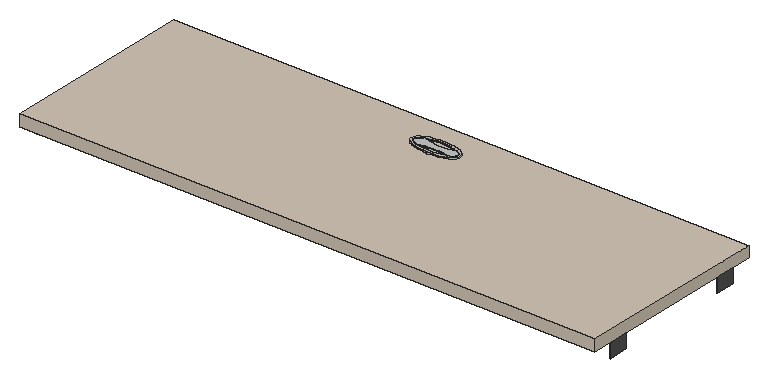
Revit family "Modular_Desks-Teknion-RTLDC_Cross_Grain_Rectangular_Worksurface-R2019", category Furniture, Revit 2019
Family settings
  OmniClass Number = 23.40.20.00
  OmniClass Title = General Furniture and Specialties
  Work Plane-Based = No
  Always vertical = Yes
  Cut with Voids When Loaded = No
  Shared = Yes
  Room Calculation Point = No
Parameters (values of type "20" Depth, Centered Grommet")
  Worksurface Finish [instance] = Veneer-Teknion-5W-Flintwood-Drift_Oak (Cross Grain)
  Width [instance] = 60.000"
  Warranty = "http://www.teknion.com/ca/papers/legal-canada"
  Unit Weight URL = "http://www.teknion.com/ca/tools/assets#&asset=bee6a381-b954-425e-8283-5a2de3a804f2,f828d448-4b62-4231-9e5f-9a8991c0ed77"
  URL = "www.teknion.com"
  To render please download texture images found here [instance] = "https://assets.teknion.com/web/5e81352c1dfdb467/revit-material-swatches/"
  Sustainability Data = "https://www.teknion.com/ca/tools/assets#&topic=216f99a5-57a0-44fc-b10a-9dee9b29ae4c&asset=444deb64-fe58-4b68-981e-f75e97781df7,b4ff2d81-9f2e-437d-9659-7cffb09c31cf"
  Support Finish [instance] = Paint - Teknion - Mica - Platinum
  Solid Infill Finish [instance] = Veneer-Teknion-5W-Flintwood-Drift_Oak (Cross Grain)
  Series = "Expansion Desking"  # constant formula
  Right Side Support Options [instance] = "Select one of the options below:"  # constant formula
  Product Page URL = "https://www.teknion.com/ca/products/product-details?productLineId=2b4e336e-8e7a-673b-a6c8-ff00004460c4"
  Product Line = "Expansion Desking"  # constant formula
  Product Documentation Link #9 = "https://www.teknion.com/pricing/expansion-desking/pdfs/RBXHK_ppg.pdf"
  Product Documentation Link #8 = "https://www.teknion.com/pricing/expansion-desking/pdfs/RAVG_ppg.pdf"
  Product Documentation Link #7 = "https://www.teknion.com/pricing/expansion-desking/pdfs/RWLA_ppg.pdf"
  Product Documentation Link #6 = "https://www.teknion.com/pricing/expansion-desking/pdfs/RWLP_ppg.pdf"
  Product Documentation Link #5 = "https://www.teknion.com/pricing/expansion-desking/pdfs/RWSQ_ppg.pdf"
  Product Documentation Link #4 = "https://www.teknion.com/pricing/expansion-desking/pdfs/RWLD_ppg.pdf"
  Product Documentation Link #3 = "https://www.teknion.com/pricing/expansion-desking/pdfs/RWWO_ppg.pdf"
  Product Documentation Link #2 = "https://www.teknion.com/pricing/expansion-desking/pdfs/RWWF_ppg.pdf"
  Product Documentation Link = "https://www.teknion.com/pricing/expansion-desking/pdfs/RTLDC_ppg.pdf"
  Part Number = "RTLDC"  # constant formula
  Model = "RTLDC20__C"
  Manufacturer Phone = "416-661-3370"  # constant formula
  Manufacturer Fax = "416.661.4586"  # constant formula
  Manufacturer Contact Information = "http://www.teknion.com/ca/contactus"
  Manufacturer Address = "1150 Flint Road, Toronto, ON. M3J 2J5. Canada"  # constant formula
  Manufacturer = "Teknion"  # constant formula
  Left Side Support Options [instance] = "Select one of the options below:"  # constant formula
  How To Use Teknion Materials User Guide [instance] = "https://assets.teknion.com/m/205dd0a49fa58060/original/How-to-add-a-Material-Library-and-Texture-Images-to-your-Revit-project.pdf"
  Has Right Storage [instance] = no
  Has Right Semi-Supported Leg Solid [instance] = no
  Has Right Hang-On [instance] = yes
  Has Right Frame Leg Solid Infill [instance] = no
  Has Right Frame Leg Open [instance] = no
  Has Right Frame Leg Glass Infill [instance] = no
  Has Right Flush Plate [instance] = no
  Has Right Central Post Leg Square [instance] = no
  Has Right Central Post Leg Round [instance] = no
  Has Right Angled Leg [instance] = no
  Has Right 2" Post Leg Adjustable [instance] = no
  Has Left Storage [instance] = no
  Has Left Semi-Supported Leg Solid [instance] = no
  Has Left Hang-On [instance] = yes
  Has Left Frame Leg Solid Infill [instance] = no
  Has Left Frame Leg Open [instance] = no
  Has Left Frame Leg Glass Infill [instance] = no
  Has Left Flush Plate [instance] = no
  Has Left Central Post Leg Square [instance] = no
  Has Left Central Post Leg Round [instance] = no
  Has Left Angled Leg [instance] = no
  Has Left 2" Post Leg Adjustable [instance] = no
  Grommet Finish [instance] = Paint - Teknion - Mica - Platinum
  Glass Infill Finish [instance] = Glass - Teknion - FT - Frosted Glass
  Gable Finish [instance] = Veneer-Teknion-5W-Flintwood-Drift_Oak (Cross Grain)
  Frame Finish [instance] = Paint - Teknion - Mica - Platinum
  For Additional Finishes please visit [instance] = "https://assets.teknion.com/m/44a8009b046e5d47/original/Teknion_Materials_Library.zip"
  Description = "Cross Grain Rectangular Worksurface, 20\" Depth, Centered Grommet"
  Depth = 20.000"
  Connection Node Visibility [instance] = yes
  Centered Grommet Option = yes
  Available Widths [instance] = "24\", 27\", 30\", 33\", 34\", 36\", 37\", 39\", 40\", 42\", 43\", 45\", 46\", 48\", 49\", 51\", 52\", 54\", 55\", 57\", 58, or 60\""  # constant formula
  Assembly Code = "E2020200"
Reference planes (in)
  plane 1 "Center Front/Back": y = 0
  plane 2: z = 0
  plane 3 "Center Left/Right": x = 0
  plane 4 "Left": x = -30
  plane 5 "Right": x = 30
  plane 6 "Back": y = 10
  plane 7 "Front": y = -10
  plane 8 "Top": z = 29
  plane 9: y = 5
  plane 10: y = -5
Forms (in)
  Sweep 1, solid, material "Veneer-Teknion-5W-Flintwood-Drift_Oak (Cross Grain)" <- "Worksurface Finish"
    path origin (0, 0, 0) x (1, 0, 0) y (0, 0, 1)
      loop
        line (0, 27.81102) -> (0, 29)
    profile origin (0, 0, 28.40551) x (-1, 0, 0) y (0, -1, 0)
      loop
        line (30, -10) -> (30, 10) -> (-30, 10) -> (-30, -10) -> (30, -10)
  Sweep 2, solid, material "Paint - Teknion - Foundation - Ebony", visible <- "Has Left Flush Plate"
    path origin (0, 0, 0) x (1, 0, 0) y (0, 0, 1)
      loop
        line (0, 27.81102) -> (0, 27.70102)
    profile origin (0, 0, 27.75602) x (0, -1, 0) y (1, 0, 0)
      loop
        arc (-5.75, -32.25) -> (-5.66583, -32.43708) -> (-5.47, -32.49819) r 0.25
        line (-5.47, -32.49819) -> (-5.47, -32.12) -> (-5.01, -32.12) -> (-5.01, -32.5) -> (-4.5, -32.5)
        arc (-4.5, -32.5) -> (-4.32322, -32.42678) -> (-4.25, -32.25) r 0.25
        line (-4.25, -32.25) -> (-4.25, -27.75)
        arc (-4.25, -27.75) -> (-4.33417, -27.56292) -> (-4.53, -27.50181) r 0.25
        line (-4.53, -27.50181) -> (-4.53, -27.87) -> (-5.18, -27.87) -> (-5.18, -27.5) -> (-5.5, -27.5)
        arc (-5.5, -27.5) -> (-5.67678, -27.57322) -> (-5.75, -27.75) r 0.25
        line (-5.75, -27.75) -> (-5.75, -32.25)
      loop
        line (5.75, -32.25) -> (5.75, -27.75)
        arc (5.75, -27.75) -> (5.67678, -27.57322) -> (5.5, -27.5) r 0.25
        line (5.5, -27.5) -> (5.18, -27.5) -> (5.18, -27.87) -> (4.53, -27.87) -> (4.53, -27.50181)
        arc (4.53, -27.50181) -> (4.33417, -27.56292) -> (4.25, -27.75) r 0.25
        line (4.25, -27.75) -> (4.25, -32.25)
        arc (4.25, -32.25) -> (4.32322, -32.42678) -> (4.5, -32.5) r 0.25
        line (4.5, -32.5) -> (5.01, -32.5) -> (5.01, -32.12) -> (5.47, -32.12) -> (5.47, -32.49819)
        arc (5.47, -32.49819) -> (5.66583, -32.43708) -> (5.75, -32.25) r 0.25
  Sweep 3, solid, material "Paint - Teknion - Foundation - Ebony", visible <- "Has Right Flush Plate"
    path origin (0, 0, 0) x (1, 0, 0) y (0, 0, 1)
      loop
        line (0, 27.70102) -> (0, 27.81102)
    profile origin (0, 0, 27.75602) x (-1, 0, 0) y (0, -1, 0)
      loop
        line (-32.25, -5.75) -> (-27.75, -5.75)
        arc (-27.75, -5.75) -> (-27.57322, -5.67678) -> (-27.5, -5.5) r 0.25
        line (-27.5, -5.5) -> (-27.5, -5.18) -> (-27.87, -5.18) -> (-27.87, -4.53) -> (-27.50181, -4.53)
        arc (-27.50181, -4.53) -> (-27.56292, -4.33417) -> (-27.75, -4.25) r 0.25
        line (-27.75, -4.25) -> (-32.25, -4.25)
        arc (-32.25, -4.25) -> (-32.42678, -4.32322) -> (-32.5, -4.5) r 0.25
        line (-32.5, -4.5) -> (-32.5, -5.01) -> (-32.12, -5.01) -> (-32.12, -5.47) -> (-32.49819, -5.47)
        arc (-32.49819, -5.47) -> (-32.43708, -5.66583) -> (-32.25, -5.75) r 0.25
      loop
        arc (-32.25, 5.75) -> (-32.43708, 5.66583) -> (-32.49819, 5.47) r 0.25
        line (-32.49819, 5.47) -> (-32.12, 5.47) -> (-32.12, 5.01) -> (-32.5, 5.01) -> (-32.5, 4.5)
        arc (-32.5, 4.5) -> (-32.42678, 4.32322) -> (-32.25, 4.25) r 0.25
        line (-32.25, 4.25) -> (-27.75, 4.25)
        arc (-27.75, 4.25) -> (-27.56292, 4.33417) -> (-27.50181, 4.53) r 0.25
        line (-27.50181, 4.53) -> (-27.87, 4.53) -> (-27.87, 5.18) -> (-27.5, 5.18) -> (-27.5, 5.5)
        arc (-27.5, 5.5) -> (-27.57322, 5.67678) -> (-27.75, 5.75) r 0.25
        line (-27.75, 5.75) -> (-32.25, 5.75)
  Sweep 4, solid, material "Paint - Teknion - Mica - Platinum" <- "Grommet Finish", visible <- "Centered Grommet Option"
    path origin (0, 0, 0) x (1, 0, 0) y (0, 0, 1)
      loop
        line (0, 29) -> (0, 29.09843)
    profile origin (0, 0, 29.04921) x (-1, 0, 0) y (0, -1, 0)
      loop
        spline (0, -5.60285) -> (-0.66538, -5.64134) -> (-1.28542, -5.75417) -> (-1.81786, -5.93366) -> (-2.22641, -6.16757) -> (-2.48324, -6.43997) -> (-2.57084, -6.73228) -> (-2.48324, -7.0246) -> (-2.22641, -7.297) -> (-1.81786, -7.53091) -> (-1.28542, -7.7104) -> (-0.66538, -7.82323) -> (0, -7.86171)
        spline (0, -7.86171) -> (0.66538, -7.82323) -> (1.28542, -7.7104) -> (1.81786, -7.53091) -> (2.22641, -7.297) -> (2.48324, -7.0246) -> (2.57084, -6.73228) -> (2.48324, -6.43997) -> (2.22641, -6.16757) -> (1.81786, -5.93366) -> (1.28542, -5.75417) -> (0.66538, -5.64134) -> (0, -5.60285)
      loop
        spline (0, -5.87058) -> (-0.59607, -5.89995) -> (-1.15152, -5.98603) -> (-1.6285, -6.12297) -> (-1.9945, -6.30143) -> (-2.22458, -6.50926) -> (-2.30305, -6.73228) -> (-2.22458, -6.95531) -> (-1.9945, -7.16313) -> (-1.6285, -7.3416) -> (-1.15152, -7.47854) -> (-0.59607, -7.56462) -> (0, -7.59398)
        spline (0, -7.59398) -> (0.59607, -7.56462) -> (1.15152, -7.47854) -> (1.6285, -7.3416) -> (1.9945, -7.16313) -> (2.22458, -6.95531) -> (2.30305, -6.73228) -> (2.22458, -6.50926) -> (1.9945, -6.30143) -> (1.6285, -6.12297) -> (1.15152, -5.98603) -> (0.59607, -5.89995) -> (0, -5.87058)
  Sweep 5, solid, material "Paint - Teknion - Mica - Platinum" <- "Grommet Finish", visible <- "Centered Grommet Option"
    path origin (0, 0, 0) x (1, 0, 0) y (0, 0, 1)
      loop
        line (0, 29) -> (0, 29.09843)
    profile origin (0, 0, 29.04921) x (-1, 0, 0) y (0, -1, 0)
      loop
        spline (1.668, -7.32645) -> (1.85544, -7.24275) -> (2.01309, -7.15086) -> (2.1384, -7.05224) -> (2.22938, -6.94849) -> (2.28456, -6.84126) -> (2.30305, -6.73228) -> (2.28456, -6.62331) -> (2.22938, -6.51608) -> (2.1384, -6.41233) -> (2.01309, -6.31371) -> (1.85544, -6.22181) -> (1.668, -6.13812)
        arc (1.668, -6.13812) -> (0.00049, -6.44093) -> (-1.66695, -6.1377) r 4.73947
        spline (-1.66695, -6.1377) -> (-1.85469, -6.22143) -> (-2.01259, -6.31338) -> (-2.13812, -6.41206) -> (-2.22925, -6.5159) -> (-2.28453, -6.62321) -> (-2.30305, -6.73228) -> (-2.28453, -6.84135) -> (-2.22925, -6.94867) -> (-2.13812, -7.05251) -> (-2.01259, -7.15119) -> (-1.85469, -7.24314) -> (-1.66695, -7.32687)
        arc (-1.66695, -7.32687) -> (0.00049, -7.02364) -> (1.668, -7.32645) r 4.73947
Lines and regions (in)
  Masking region 1
    outline origin (0, 0, 0) x (1, 0, 0) y (0, 1, 0)
      loop
        line (30, 10) -> (-30, 10) -> (-30, -10) -> (30, -10) -> (30, 10)
  symbolic lines, style "FurnitureHiddenLines", visible <- "Has Left Flush Plate", detail levels medium+fine
    curve 1: line (-32.25, 4.25, 0) -> (-27.75, 4.25, 0)
    curve 2: arc (-27.75, 4.25, 0) -> (-27.56292, 4.33417, 0) -> (-27.50181, 4.53, 0) r 0.25
    curve 3: line (-27.50181, 4.53, 0) -> (-27.87, 4.53, 0)
    curve 4: line (-27.87, 4.53, 0) -> (-27.87, 5.18, 0)
    curve 5: line (-27.87, 5.18, 0) -> (-27.5, 5.18, 0)
    curve 6: line (-27.5, 5.18, 0) -> (-27.5, 5.5, 0)
    curve 7: arc (-27.5, 5.5, 0) -> (-27.57322, 5.67678, 0) -> (-27.75, 5.75, 0) r 0.25
    curve 8: line (-27.75, 5.75, 0) -> (-32.25, 5.75, 0)
    curve 9: arc (-32.25, 5.75, 0) -> (-32.43708, 5.66583, 0) -> (-32.49819, 5.47, 0) r 0.25
    curve 10: line (-32.49819, 5.47, 0) -> (-32.12, 5.47, 0)
    curve 11: line (-32.12, 5.47, 0) -> (-32.12, 5.01, 0)
    curve 12: line (-32.12, 5.01, 0) -> (-32.5, 5.01, 0)
    curve 13: line (-32.5, 5.01, 0) -> (-32.5, 4.5, 0)
    curve 14: arc (-32.5, 4.5, 0) -> (-32.42678, 4.32322, 0) -> (-32.25, 4.25, 0) r 0.25
    curve 15: line (-27.75, -4.25, 0) -> (-32.25, -4.25, 0)
    curve 16: arc (-32.25, -4.25, 0) -> (-32.42678, -4.32322, 0) -> (-32.5, -4.5, 0) r 0.25
    curve 17: line (-32.5, -4.5, 0) -> (-32.5, -5.01, 0)
    curve 18: line (-32.5, -5.01, 0) -> (-32.12, -5.01, 0)
    curve 19: line (-32.12, -5.01, 0) -> (-32.12, -5.47, 0)
    curve 20: line (-32.12, -5.47, 0) -> (-32.49819, -5.47, 0)
    curve 21: arc (-32.49819, -5.47, 0) -> (-32.43708, -5.66583, 0) -> (-32.25, -5.75, 0) r 0.25
    curve 22: line (-32.25, -5.75, 0) -> (-27.75, -5.75, 0)
    curve 23: arc (-27.75, -5.75, 0) -> (-27.57322, -5.67678, 0) -> (-27.5, -5.5, 0) r 0.25
    curve 24: line (-27.5, -5.5, 0) -> (-27.5, -5.18, 0)
    curve 25: line (-27.5, -5.18, 0) -> (-27.87, -5.18, 0)
    curve 26: line (-27.87, -5.18, 0) -> (-27.87, -4.53, 0)
    curve 27: line (-27.87, -4.53, 0) -> (-27.50181, -4.53, 0)
    curve 28: arc (-27.50181, -4.53, 0) -> (-27.56292, -4.33417, 0) -> (-27.75, -4.25, 0) r 0.25
  symbolic lines, style "FurnitureHiddenLines", visible <- "Has Right Flush Plate", detail levels medium+fine
    curve 29: line (27.75, 4.25, 0) -> (32.25, 4.25, 0)
    curve 30: arc (32.25, 4.25, 0) -> (32.42678, 4.32322, 0) -> (32.5, 4.5, 0) r 0.25
    curve 31: line (32.5, 4.5, 0) -> (32.5, 5.01, 0)
    curve 32: line (32.5, 5.01, 0) -> (32.12, 5.01, 0)
    curve 33: line (32.12, 5.01, 0) -> (32.12, 5.47, 0)
    curve 34: line (32.12, 5.47, 0) -> (32.49819, 5.47, 0)
    curve 35: arc (32.49819, 5.47, 0) -> (32.43708, 5.66583, 0) -> (32.25, 5.75, 0) r 0.25
    curve 36: line (32.25, 5.75, 0) -> (27.75, 5.75, 0)
    curve 37: arc (27.75, 5.75, 0) -> (27.57322, 5.67678, 0) -> (27.5, 5.5, 0) r 0.25
    curve 38: line (27.5, 5.5, 0) -> (27.5, 5.18, 0)
    curve 39: line (27.5, 5.18, 0) -> (27.87, 5.18, 0)
    curve 40: line (27.87, 5.18, 0) -> (27.87, 4.53, 0)
    curve 41: line (27.87, 4.53, 0) -> (27.50181, 4.53, 0)
    curve 42: arc (27.50181, 4.53, 0) -> (27.56292, 4.33417, 0) -> (27.75, 4.25, 0) r 0.25
    curve 43: line (32.25, -4.25, 0) -> (27.75, -4.25, 0)
    curve 44: arc (27.75, -4.25, 0) -> (27.56292, -4.33417, 0) -> (27.50181, -4.53, 0) r 0.25
    curve 45: line (27.50181, -4.53, 0) -> (27.87, -4.53, 0)
    curve 46: line (27.87, -4.53, 0) -> (27.87, -5.18, 0)
    curve 47: line (27.87, -5.18, 0) -> (27.5, -5.18, 0)
    curve 48: line (27.5, -5.18, 0) -> (27.5, -5.5, 0)
    curve 49: arc (27.5, -5.5, 0) -> (27.57322, -5.67678, 0) -> (27.75, -5.75, 0) r 0.25
    curve 50: line (27.75, -5.75, 0) -> (32.25, -5.75, 0)
    curve 51: arc (32.25, -5.75, 0) -> (32.43708, -5.66583, 0) -> (32.49819, -5.47, 0) r 0.25
    curve 52: line (32.49819, -5.47, 0) -> (32.12, -5.47, 0)
    curve 53: line (32.12, -5.47, 0) -> (32.12, -5.01, 0)
    curve 54: line (32.12, -5.01, 0) -> (32.5, -5.01, 0)
    curve 55: line (32.5, -5.01, 0) -> (32.5, -4.5, 0)
    curve 56: arc (32.5, -4.5, 0) -> (32.42678, -4.32322, 0) -> (32.25, -4.25, 0) r 0.25
  symbolic lines, visible <- "Centered Grommet Option"
    curve 57: spline (0, 5.60285, 0) -> (-0.66538, 5.64134, 0) -> (-1.28542, 5.75417, 0) -> (-1.81786, 5.93366, 0) -> (-2.22641, 6.16757, 0) -> (-2.48324, 6.43997, 0) -> (-2.57084, 6.73228, 0) -> (-2.48324, 7.0246, 0) -> (-2.22641, 7.297, 0) -> (-1.81786, 7.53091, 0) -> (-1.28542, 7.7104, 0) -> (-0.66538, 7.82323, 0) -> (0, 7.86171, 0)
    curve 58: spline (0, 7.86171, 0) -> (0.66538, 7.82323, 0) -> (1.28542, 7.7104, 0) -> (1.81786, 7.53091, 0) -> (2.22641, 7.297, 0) -> (2.48324, 7.0246, 0) -> (2.57084, 6.73228, 0) -> (2.48324, 6.43997, 0) -> (2.22641, 6.16757, 0) -> (1.81786, 5.93366, 0) -> (1.28542, 5.75417, 0) -> (0.66538, 5.64134, 0) -> (0, 5.60285, 0)
    curve 59: spline (0, 7.59398, 0) -> (-0.59607, 7.56462, 0) -> (-1.15152, 7.47854, 0) -> (-1.6285, 7.3416, 0) -> (-1.9945, 7.16313, 0) -> (-2.22458, 6.95531, 0) -> (-2.30305, 6.73228, 0) -> (-2.22458, 6.50926, 0) -> (-1.9945, 6.30143, 0) -> (-1.6285, 6.12297, 0) -> (-1.15152, 5.98603, 0) -> (-0.59607, 5.89995, 0) -> (0, 5.87058, 0)
    curve 60: spline (0, 5.87058, 0) -> (0.59607, 5.89995, 0) -> (1.15152, 5.98603, 0) -> (1.6285, 6.12297, 0) -> (1.9945, 6.30143, 0) -> (2.22458, 6.50926, 0) -> (2.30305, 6.73228, 0) -> (2.22458, 6.95531, 0) -> (1.9945, 7.16313, 0) -> (1.6285, 7.3416, 0) -> (1.15152, 7.47854, 0) -> (0.59607, 7.56462, 0) -> (0, 7.59398, 0)
    curve 61: arc (-1.668, 7.32645, 0) -> (-0.00049, 7.02364, 0) -> (1.66695, 7.32687, 0) r 4.73947
    curve 62: arc (1.66695, 6.1377, 0) -> (-0.00049, 6.44093, 0) -> (-1.668, 6.13812, 0) r 4.73947
  reference lines
    curve 63: line (-30, 10, 0) -> (-30, -10.07668, 0)
    curve 64: line (30, 10, 0) -> (30, -10.07668, 0)
Dimensions and locks (in)
  "Width": plane 4 "Left" to plane 5 "Right"
  "Depth": plane 6 "Back" to plane 7 "Front"
  locked: plane 8 "Top" to level at 29
  equal spacing: plane 6 "Back", plane 1 "Center Front/Back", plane 7 "Front"
  equal spacing: plane 4 "Left", plane 3 "Center Left/Right", plane 5 "Right"
  Sweep 1 sketch curve to plane 8 "Top" to Sweep 1 sketch curve = 0.000" locked, 1.18898" locked
  plane 8 "Top" to Sweep 1 = 1.18898"
  equal spacing: plane 6 "Back", plane 9, plane 1 "Center Front/Back"
  equal spacing: plane 7 "Front", plane 10, plane 1 "Center Front/Back"
  plane 8 "Top" to Sweep 2 sketch curve to Sweep 2 sketch curve = 1.18898" locked, 0.110" locked
  Sweep 2 sketch curve to Sweep 2 sketch curve to Sweep 2 sketch curve to Sweep 2 sketch curve to Sweep 2 sketch curve to plane 4 "Left" to Sweep 2 sketch curve to Sweep 2 sketch curve to Sweep 2 sketch curve to Sweep 2 sketch curve to Sweep 2 sketch curve = 0.00181" locked, 0.24819" locked, 0.000" locked, 0.130" locked, 2.120" locked, 2.130" locked, 0.120" locked, 0.000" locked, 0.24819" locked, 0.00181" locked  (x2)
  Sweep 2 sketch curve to Sweep 2 sketch curve to plane 9 to Sweep 2 sketch curve to Sweep 2 sketch curve to Sweep 2 sketch curve to Sweep 2 sketch curve = 0.280" locked, 0.470" locked, 0.010" locked, 0.170" locked, 0.290" locked, 0.280" locked
  Sweep 2 sketch curve to Sweep 2 sketch curve to Sweep 2 sketch curve to Sweep 2 sketch curve to plane 10 to Sweep 2 sketch curve to Sweep 2 sketch curve = 0.280" locked, 0.290" locked, 0.170" locked, 0.010" locked, 0.470" locked, 0.280" locked
  plane 8 "Top" to Sweep 3 sketch curve to Sweep 3 sketch curve = 1.18898" locked, 0.110" locked
  Sweep 3 sketch curve to Sweep 3 sketch curve to Sweep 3 sketch curve to Sweep 3 sketch curve to Sweep 3 sketch curve to plane 5 "Right" to Sweep 3 sketch curve to Sweep 3 sketch curve to Sweep 3 sketch curve to Sweep 3 sketch curve to Sweep 3 sketch curve = 0.00181" locked, 0.24819" locked, 0.000" locked, 0.120" locked, 2.130" locked, 2.120" locked, 0.130" locked, 0.000" locked, 0.24819", 0.00181" locked  (x2)
  Sweep 3 sketch curve to Sweep 3 sketch curve to plane 9 to Sweep 3 sketch curve to Sweep 3 sketch curve to Sweep 3 sketch curve to Sweep 3 sketch curve = 0.280" locked, 0.470" locked, 0.010" locked, 0.170" locked, 0.290" locked, 0.280" locked
  Sweep 3 sketch curve to Sweep 3 sketch curve to Sweep 3 sketch curve to Sweep 3 sketch curve to plane 10 to Sweep 3 sketch curve to Sweep 3 sketch curve = 0.280" locked, 0.290" locked, 0.170" locked, 0.010" locked, 0.470" locked, 0.280" locked
  Sweep 4 sketch curve to Sweep 4 sketch curve to plane 8 "Top" = 0.09843" locked, 0.000" locked
  plane 3 "Center Left/Right" to Sweep 4 sketch curve to Sweep 4 sketch curve = 0.000" locked, 0.000" locked
  plane 6 "Back" to Sweep 4 sketch curve to Sweep 4 sketch curve = 3.26772" locked, 0.000" locked
  Sweep 5 sketch curve to plane 8 "Top" to Sweep 5 sketch curve = 0.09843" locked, 0.000" locked
  Sweep 5 sketch curve to Sweep 5 sketch curve to plane 3 "Center Left/Right" to Sweep 5 sketch curve to Sweep 5 sketch curve = 0.000" locked, 0.00108" locked, 0.000" locked, 0.000" locked
  Sweep 5 sketch curve to plane 6 "Back" to Sweep 5 sketch curve to Sweep 5 sketch curve to Sweep 5 sketch curve = 1.76311" locked, 3.26772" locked, 0.000" locked, 5.03083" locked
  curve 61 to curve 62 to plane 3 "Center Left/Right" to curve 58 to curve 60 = 0.000" locked, 0.00108" locked, 0.000" locked, 0.000" locked
  curve 61 to plane 6 "Back" to curve 58 to curve 60 to curve 62 = 1.76311" locked, 3.26772" locked, 0.000" locked, 5.03083" locked
  aligned and locked: level to plane 2
  aligned and locked: plane 3 "Center Left/Right" to Sweep 1 sketch curve
  aligned and locked: Sweep 1 sketch curve to plane 6 "Back"
  aligned and locked: plane 4 "Left" to Sweep 1 sketch curve
  aligned and locked: Sweep 1 sketch curve to plane 7 "Front"
  aligned and locked: plane 5 "Right" to Sweep 1 sketch curve
  aligned and locked: plane 4 "Left" to nested 8
  aligned and locked: nested 8 to plane 1 "Center Front/Back"
  aligned and locked: nested 1 to plane 6 "Back"
  aligned and locked: plane 4 "Left" to nested 1
  aligned and locked: nested 2 to plane 6 "Back"
  aligned and locked: plane 3 "Center Left/Right" to nested 2
  aligned and locked: nested 3 to plane 5 "Right"
  aligned and locked: nested 3 to plane 6 "Back"
  aligned and locked: plane 1 "Center Front/Back" to nested 4
  aligned and locked: nested 4 to plane 5 "Right"
  aligned and locked: nested 5 to plane 5 "Right"
  aligned and locked: plane 7 "Front" to nested 5
  aligned and locked: plane 7 "Front" to nested 6
  aligned and locked: plane 3 "Center Left/Right" to nested 6
  aligned and locked: nested 7 to plane 7 "Front"
  aligned and locked: plane 4 "Left" to nested 7
  aligned and locked: nested 9 to plane 5 "Right"
  aligned and locked: plane 1 "Center Front/Back" to nested 9
  aligned and locked: nested 10 to plane 1 "Center Front/Back"
  aligned and locked: nested 10 to plane 4 "Left"
  aligned and locked: nested 12 to plane 1 "Center Front/Back"
  aligned and locked: plane 4 "Left" to nested 12
  aligned and locked: plane 5 "Right" to nested 11
  aligned and locked: nested 13 to plane 1 "Center Front/Back"
  aligned and locked: nested 13 to plane 4 "Left"
  aligned and locked: plane 1 "Center Front/Back" to nested 14
  aligned and locked: nested 14 to plane 5 "Right"
  aligned and locked: plane 6 "Back" to nested 16
  aligned and locked: plane 4 "Left" to nested 16
  aligned and locked: nested 15 to plane 4 "Left"
  aligned and locked: nested 15 to plane 7 "Front"
  aligned and locked: plane 7 "Front" to nested 18
  aligned and locked: plane 5 "Right" to nested 18
  aligned and locked: nested 17 to plane 5 "Right"
  aligned and locked: nested 17 to plane 6 "Back"
  aligned and locked: nested 19 to plane 6 "Back"
  aligned and locked: nested 19 to plane 4 "Left"
  aligned and locked: plane 4 "Left" to nested 19
  aligned and locked: plane 6 "Back" to nested 20
  aligned and locked: plane 5 "Right" to nested 20
  aligned and locked: plane 6 "Back" to nested 21
  aligned and locked: nested 21 to plane 4 "Left"
  aligned and locked: plane 6 "Back" to nested 22
  aligned and locked: nested 22 to plane 5 "Right"
  aligned and locked: plane 6 "Back" to nested 23
  aligned and locked: plane 4 "Left" to nested 23
  aligned and locked: nested 26 to plane 7 "Front"
  aligned and locked: nested 26 to plane 4 "Left"
  aligned and locked: nested 24 to plane 6 "Back"
  aligned and locked: nested 24 to plane 5 "Right"
  aligned and locked: plane 7 "Front" to nested 25
  aligned and locked: plane 5 "Right" to nested 25
  aligned and locked: plane 6 "Back" to nested 27
  aligned and locked: nested 27 to plane 4 "Left"
  aligned and locked: plane 6 "Back" to nested 30
  aligned and locked: nested 30 to plane 4 "Left"
  aligned and locked: plane 6 "Back" to nested 28
  aligned and locked: plane 5 "Right" to nested 28
  aligned and locked: plane 6 "Back" to nested 29
  aligned and locked: plane 5 "Right" to nested 29
  aligned and locked: plane 3 "Center Left/Right" to Sweep 3 sketch curve
  aligned and locked: curve 2 to Sweep 2
  aligned and locked: curve 3 to Sweep 2
  aligned and locked: curve 4 to Sweep 2
  aligned and locked: curve 5 to Sweep 2
  aligned and locked: curve 6 to Sweep 2
  aligned and locked: curve 7 to Sweep 2
  aligned and locked: curve 9 to Sweep 2
  aligned and locked: curve 10 to Sweep 2
  aligned and locked: curve 11 to Sweep 2
  aligned and locked: curve 12 to Sweep 2
  aligned and locked: curve 13 to Sweep 2
  aligned and locked: curve 14 to Sweep 2
  aligned and locked: curve 16 to Sweep 2
  aligned and locked: curve 18 to Sweep 2
  aligned and locked: curve 19 to Sweep 2
  aligned and locked: curve 20 to Sweep 2
  aligned and locked: curve 21 to Sweep 2
  aligned and locked: curve 23 to Sweep 2
  aligned and locked: curve 25 to Sweep 2
  aligned and locked: curve 26 to Sweep 2
  aligned and locked: curve 27 to Sweep 2
  aligned and locked: curve 28 to Sweep 2
  aligned and locked: curve 30 to Sweep 3
  aligned and locked: curve 32 to Sweep 3
  aligned and locked: curve 33 to Sweep 3
  aligned and locked: curve 34 to Sweep 3
  aligned and locked: curve 35 to Sweep 3
  aligned and locked: curve 37 to Sweep 3
  aligned and locked: curve 39 to Sweep 3
  aligned and locked: curve 40 to Sweep 3
  aligned and locked: curve 41 to Sweep 3
  aligned and locked: curve 42 to Sweep 3
  aligned and locked: curve 44 to Sweep 3
  aligned and locked: curve 45 to Sweep 3
  aligned and locked: curve 46 to Sweep 3
  aligned and locked: curve 47 to Sweep 3
  aligned and locked: curve 48 to Sweep 3
  aligned and locked: curve 49 to Sweep 3
  aligned and locked: curve 51 to Sweep 3
  aligned and locked: curve 52 to Sweep 3
  aligned and locked: curve 53 to Sweep 3
  aligned and locked: curve 54 to Sweep 3
  aligned and locked: curve 55 to Sweep 3
  aligned and locked: curve 56 to Sweep 3
  aligned and locked: plane 3 "Center Left/Right" to Sweep 4 sketch curve
  aligned and locked: plane 3 "Center Left/Right" to Sweep 5 sketch curve
  aligned and locked: Masking region 1 sketch curve to Sweep 1  (x4)
  aligned and locked: curve 63 to plane 4 "Left"
  aligned and locked: plane 5 "Right" to curve 64
Automatic sketch dimensions
  Sweep 2 sketch curve to plane 3 "Center Left/Right" = 0.000"
  Sweep 4 sketch curve to Sweep 4 sketch curve = 0.8617"
  Sweep 4 sketch curve to Sweep 4 sketch curve = 0.26773"
  Sweep 5 sketch curve to Sweep 5 sketch curve = 0.000"  (x2)
  Sweep 5 sketch curve to Sweep 5 sketch curve = 0.26712"
  Sweep 5 sketch curve to Sweep 5 sketch curve = 0.59417"
  profile plane to Sweep 5 sketch curve = 1.66695"
  Sweep 5 sketch curve to profile plane = 1.668"
  curve 57 to curve 58 = 1.12943"
  curve 57 to curve 59 = 0.26773"
  curve 61 to plane 3 "Center Left/Right" = 1.668"
  plane 3 "Center Left/Right" to curve 61 = 1.66695"
  curve 61 to curve 59 = 0.26753"
  curve 62 to curve 61 = 0.000"
  curve 63 to plane 6 "Back" = 0.000"
  plane 7 "Front" to curve 63 = 0.07668"
  curve 64 to plane 6 "Back" = 0.000"
  plane 7 "Front" to curve 64 = 0.07668"
Nested families (in)
  nested 1: "Teknion_2D_Node_Family-R2016" at (-30, 10, 0), visible <- "Connection Node Visibility", type "Teknion_2D_Node_Family-R2016"
  nested 2: "Teknion_2D_Node_Family-R2016" at (0, 10, 0), visible <- "Connection Node Visibility", type "Teknion_2D_Node_Family-R2016"
  nested 3: "Teknion_2D_Node_Family-R2016" at (30, 10, 0), visible <- "Connection Node Visibility", type "Teknion_2D_Node_Family-R2016"
  nested 4: "Teknion_2D_Node_Family-R2016" at (30, 0, 0), visible <- "Connection Node Visibility", type "Teknion_2D_Node_Family-R2016"
  nested 5: "Teknion_2D_Node_Family-R2016" at (30, -10, 0), visible <- "Connection Node Visibility", type "Teknion_2D_Node_Family-R2016"
  nested 6: "Teknion_2D_Node_Family-R2016" at (0, -10, 0), visible <- "Connection Node Visibility", type "Teknion_2D_Node_Family-R2016"
  nested 7: "Teknion_2D_Node_Family-R2016" at (-30, -10, 0), visible <- "Connection Node Visibility", type "Teknion_2D_Node_Family-R2016"
  nested 8: "Teknion_2D_Node_Family-R2016" at (-30, 0, 0), visible <- "Connection Node Visibility", type "Teknion_2D_Node_Family-R2016"
  nested 9: "Freestanding_Storage_&_Accessories-Teknion-RBXHK_Hang_On_Kit-R2019" at (28.75, 0, 0) x (0, -1, 0) z (0, 0, 1), visible <- "Has Right Hang-On", Worksurface Depth <- "Depth", Connection Node Visibility <- "Connection Node Visibility", type "Hang-On Kit"
    with Worksurface Depth 20.000", To render please download texture images found here "https://assets.teknion.com/web/5e81352c1dfdb467/revit-material-swatches/", How To Use Teknion Materials User Guide "https://assets.teknion.com/m/205dd0a49fa58060/original/How-to-add-a-Material-Library-and-Texture-Images-to-your-Revit-project.pdf", For Additional Finishes please visit "https://assets.teknion.com/m/44a8009b046e5d47/original/Teknion_Materials_Library.zip", Connection Node Visibility yes, Available Worksurface Depth "20\", 24\", or 30\""
  nested 10: "Freestanding_Storage_&_Accessories-Teknion-RBXHK_Hang_On_Kit-R2019" at (-28.75, 0, 0) x (0, 1, 0) z (0, 0, 1), visible <- "Has Left Hang-On", Worksurface Depth <- "Depth", Connection Node Visibility <- "Connection Node Visibility", type "Hang-On Kit"
    with Worksurface Depth 20.000", To render please download texture images found here "https://assets.teknion.com/web/5e81352c1dfdb467/revit-material-swatches/", How To Use Teknion Materials User Guide "https://assets.teknion.com/m/205dd0a49fa58060/original/How-to-add-a-Material-Library-and-Texture-Images-to-your-Revit-project.pdf", For Additional Finishes please visit "https://assets.teknion.com/m/44a8009b046e5d47/original/Teknion_Materials_Library.zip", Connection Node Visibility yes, Available Worksurface Depth "20\", 24\", or 30\""
  nested 11: "Desk_Accessories-Teknion-RWAQ_Central_Post_Square-R2019" at (27, 0, 0) x (0, -1, 0) z (0, 0, 1), Support Finish <- "Support Finish", visible <- "Has Right Central Post Leg Square", Connection Node Visibility <- "Connection Node Visibility", type "29" Height"
    with To render please download texture images found here "https://assets.teknion.com/web/5e81352c1dfdb467/revit-material-swatches/", Support Finish Paint - Teknion - Mica - Platinum, How To Use Teknion Materials User Guide "https://assets.teknion.com/m/205dd0a49fa58060/original/How-to-add-a-Material-Library-and-Texture-Images-to-your-Revit-project.pdf", For Additional Finishes please visit "https://assets.teknion.com/m/44a8009b046e5d47/original/Teknion_Materials_Library.zip", Connection Node Visibility yes
  nested 12: "Desk_Accessories-Teknion-RWAQ_Central_Post_Square-R2019" at (-27, 0, 0) x (0, 1, 0) z (0, 0, 1), Support Finish <- "Support Finish", visible <- "Has Left Central Post Leg Square", Connection Node Visibility <- "Connection Node Visibility", type "29" Height"
    with To render please download texture images found here "https://assets.teknion.com/web/5e81352c1dfdb467/revit-material-swatches/", Support Finish Paint - Teknion - Mica - Platinum, How To Use Teknion Materials User Guide "https://assets.teknion.com/m/205dd0a49fa58060/original/How-to-add-a-Material-Library-and-Texture-Images-to-your-Revit-project.pdf", For Additional Finishes please visit "https://assets.teknion.com/m/44a8009b046e5d47/original/Teknion_Materials_Library.zip", Connection Node Visibility yes
  nested 13: "Desk_Accessories-Teknion-RWLD_Central_Post_Round-R2019" at (-27, 0, 0) x (0, 1, 0) z (0, 0, 1), visible <- "Has Left Central Post Leg Round", Connection Node Visibility <- "Connection Node Visibility", Support Finish <- "Support Finish", type "29" Height"
    with To render please download texture images found here "https://assets.teknion.com/web/5e81352c1dfdb467/revit-material-swatches/", Support Finish Paint - Teknion - Mica - Platinum, How To Use Teknion Materials User Guide "https://assets.teknion.com/m/205dd0a49fa58060/original/How-to-add-a-Material-Library-and-Texture-Images-to-your-Revit-project.pdf", For Additional Finishes please visit "https://assets.teknion.com/m/44a8009b046e5d47/original/Teknion_Materials_Library.zip", Connection Node Visibility yes
  nested 14: "Desk_Accessories-Teknion-RWLD_Central_Post_Round-R2019" at (27, 0, 0) x (0, -1, 0) z (0, 0, 1), visible <- "Has Right Central Post Leg Round", Connection Node Visibility <- "Connection Node Visibility", Support Finish <- "Support Finish", type "29" Height"
    with To render please download texture images found here "https://assets.teknion.com/web/5e81352c1dfdb467/revit-material-swatches/", Support Finish Paint - Teknion - Mica - Platinum, How To Use Teknion Materials User Guide "https://assets.teknion.com/m/205dd0a49fa58060/original/How-to-add-a-Material-Library-and-Texture-Images-to-your-Revit-project.pdf", For Additional Finishes please visit "https://assets.teknion.com/m/44a8009b046e5d47/original/Teknion_Materials_Library.zip", Connection Node Visibility yes
  nested 15: "Desk_Accessories-Teknion-RWLA_Angled_Leg-R2019" at (-24.53025, -4.522, 0) x (0, 1, 0) z (0, 0, 1), Support Finish <- "Support Finish", visible <- "Has Left Angled Leg", Connection Node Visibility <- "Connection Node Visibility", type "29" Height"
    with To render please download texture images found here "https://assets.teknion.com/web/5e81352c1dfdb467/revit-material-swatches/", Support Finish Paint - Teknion - Mica - Platinum, How To Use Teknion Materials User Guide "https://assets.teknion.com/m/205dd0a49fa58060/original/How-to-add-a-Material-Library-and-Texture-Images-to-your-Revit-project.pdf", For Additional Finishes please visit "https://assets.teknion.com/m/44a8009b046e5d47/original/Teknion_Materials_Library.zip", Connection Node Visibility yes
  nested 16: "Desk_Accessories-Teknion-RWLA_Angled_Leg-R2019" at (-24.53025, 4.522, 0) x (0, -1, 0) z (0, 0, 1), Support Finish <- "Support Finish", visible <- "Has Left Angled Leg", Connection Node Visibility <- "Connection Node Visibility", type "29" Height"
    with To render please download texture images found here "https://assets.teknion.com/web/5e81352c1dfdb467/revit-material-swatches/", Support Finish Paint - Teknion - Mica - Platinum, How To Use Teknion Materials User Guide "https://assets.teknion.com/m/205dd0a49fa58060/original/How-to-add-a-Material-Library-and-Texture-Images-to-your-Revit-project.pdf", For Additional Finishes please visit "https://assets.teknion.com/m/44a8009b046e5d47/original/Teknion_Materials_Library.zip", Connection Node Visibility yes
  nested 17: "Desk_Accessories-Teknion-RWLA_Angled_Leg-R2019" at (24.53025, 4.522, 0) x (0, -1, 0) z (0, 0, 1), Support Finish <- "Support Finish", visible <- "Has Right Angled Leg", Connection Node Visibility <- "Connection Node Visibility", type "29" Height"
    with To render please download texture images found here "https://assets.teknion.com/web/5e81352c1dfdb467/revit-material-swatches/", Support Finish Paint - Teknion - Mica - Platinum, How To Use Teknion Materials User Guide "https://assets.teknion.com/m/205dd0a49fa58060/original/How-to-add-a-Material-Library-and-Texture-Images-to-your-Revit-project.pdf", For Additional Finishes please visit "https://assets.teknion.com/m/44a8009b046e5d47/original/Teknion_Materials_Library.zip", Connection Node Visibility yes
  nested 18: "Desk_Accessories-Teknion-RWLA_Angled_Leg-R2019" at (24.53025, -4.522, 0) x (0, 1, 0) z (0, 0, 1), Support Finish <- "Support Finish", visible <- "Has Right Angled Leg", Connection Node Visibility <- "Connection Node Visibility", type "29" Height"
    with To render please download texture images found here "https://assets.teknion.com/web/5e81352c1dfdb467/revit-material-swatches/", Support Finish Paint - Teknion - Mica - Platinum, How To Use Teknion Materials User Guide "https://assets.teknion.com/m/205dd0a49fa58060/original/How-to-add-a-Material-Library-and-Texture-Images-to-your-Revit-project.pdf", For Additional Finishes please visit "https://assets.teknion.com/m/44a8009b046e5d47/original/Teknion_Materials_Library.zip", Connection Node Visibility yes
  nested 19: "Desk_Accessories-Teknion-RAVG_Semi_Supported_Leg_Solid-R2019" at (-29.5, 0, 0), Gable Finish <- "Gable Finish", Depth <- "Depth", visible <- "Has Left Semi-Supported Leg Solid", Connection Node Visibility <- "Connection Node Visibility", type "Solid Gable Style"
    with To render please download texture images found here "https://assets.teknion.com/web/5e81352c1dfdb467/revit-material-swatches/", How To Use Teknion Materials User Guide "https://assets.teknion.com/m/205dd0a49fa58060/original/How-to-add-a-Material-Library-and-Texture-Images-to-your-Revit-project.pdf", Gable Finish Veneer-Teknion-5W-Flintwood-Drift_Oak (Cross Grain), For Additional Finishes please visit "https://assets.teknion.com/m/44a8009b046e5d47/original/Teknion_Materials_Library.zip", Depth 20.000", Connection Node Visibility yes, Available Depths "14\", 18\", 20\", 24\", or 30\""
  nested 20: "Desk_Accessories-Teknion-RAVG_Semi_Supported_Leg_Solid-R2019" at (29.5, 0, 0) x (-1, 0, 0) z (0, 0, 1), visible <- "Has Right Semi-Supported Leg Solid", Gable Finish <- "Gable Finish", Depth <- "Depth", Connection Node Visibility <- "Connection Node Visibility", type "Solid Gable Style"
    with To render please download texture images found here "https://assets.teknion.com/web/5e81352c1dfdb467/revit-material-swatches/", How To Use Teknion Materials User Guide "https://assets.teknion.com/m/205dd0a49fa58060/original/How-to-add-a-Material-Library-and-Texture-Images-to-your-Revit-project.pdf", Gable Finish Veneer-Teknion-5W-Flintwood-Drift_Oak (Cross Grain), For Additional Finishes please visit "https://assets.teknion.com/m/44a8009b046e5d47/original/Teknion_Materials_Library.zip", Depth 20.000", Connection Node Visibility yes, Available Depths "14\", 18\", 20\", 24\", or 30\""
  nested 21: "Desk_Accessories-Teknion-RWWO_Frame_Leg_Open-R2019" at (-28.22835, 0, 0), Frame Finish <- "Frame Finish", Depth <- "Depth", visible <- "Has Left Frame Leg Open", Connection Node Visibility <- "Connection Node Visibility", type "Frame Leg - Open"
    with To render please download texture images found here "https://assets.teknion.com/web/5e81352c1dfdb467/revit-material-swatches/", How To Use Teknion Materials User Guide "https://assets.teknion.com/m/205dd0a49fa58060/original/How-to-add-a-Material-Library-and-Texture-Images-to-your-Revit-project.pdf", Frame Finish Paint - Teknion - Mica - Platinum, For Additional Finishes please visit "https://assets.teknion.com/m/44a8009b046e5d47/original/Teknion_Materials_Library.zip", Depth 20.000", Connection Node Visibility yes, Available Depths "20\", 24\", or 30\""
  nested 22: "Desk_Accessories-Teknion-RWWO_Frame_Leg_Open-R2019" at (28.22835, 0, 0) x (-1, 0, 0) z (0, 0, 1), Frame Finish <- "Frame Finish", Depth <- "Depth", visible <- "Has Right Frame Leg Open", Connection Node Visibility <- "Connection Node Visibility", type "Frame Leg - Open"
    with To render please download texture images found here "https://assets.teknion.com/web/5e81352c1dfdb467/revit-material-swatches/", How To Use Teknion Materials User Guide "https://assets.teknion.com/m/205dd0a49fa58060/original/How-to-add-a-Material-Library-and-Texture-Images-to-your-Revit-project.pdf", Frame Finish Paint - Teknion - Mica - Platinum, For Additional Finishes please visit "https://assets.teknion.com/m/44a8009b046e5d47/original/Teknion_Materials_Library.zip", Depth 20.000", Connection Node Visibility yes, Available Depths "20\", 24\", or 30\""
  nested 23: "Desk_Accessories-Teknion-RWLP_2_Post_Leg_Adjustable-R2019" at (-28, 8, 0), visible <- "Has Left 2" Post Leg Adjustable", Support Finish <- "Support Finish", Connection Node Visibility <- "Connection Node Visibility", type "29" Height"
    with To render please download texture images found here "https://assets.teknion.com/web/5e81352c1dfdb467/revit-material-swatches/", Support Finish Paint - Teknion - Mica - Platinum, How To Use Teknion Materials User Guide "https://assets.teknion.com/m/205dd0a49fa58060/original/How-to-add-a-Material-Library-and-Texture-Images-to-your-Revit-project.pdf", For Additional Finishes please visit "https://assets.teknion.com/m/44a8009b046e5d47/original/Teknion_Materials_Library.zip", Connection Node Visibility yes
  nested 24: "Desk_Accessories-Teknion-RWLP_2_Post_Leg_Adjustable-R2019" at (28, 8, 0) x (0, -1, 0) z (0, 0, 1), visible <- "Has Right 2" Post Leg Adjustable", Support Finish <- "Support Finish", Connection Node Visibility <- "Connection Node Visibility", type "29" Height"
    with To render please download texture images found here "https://assets.teknion.com/web/5e81352c1dfdb467/revit-material-swatches/", Support Finish Paint - Teknion - Mica - Platinum, How To Use Teknion Materials User Guide "https://assets.teknion.com/m/205dd0a49fa58060/original/How-to-add-a-Material-Library-and-Texture-Images-to-your-Revit-project.pdf", For Additional Finishes please visit "https://assets.teknion.com/m/44a8009b046e5d47/original/Teknion_Materials_Library.zip", Connection Node Visibility yes
  nested 25: "Desk_Accessories-Teknion-RWLP_2_Post_Leg_Adjustable-R2019" at (28, -8, 0) x (-1, 0, 0) z (0, 0, 1), visible <- "Has Right 2" Post Leg Adjustable", Support Finish <- "Support Finish", Connection Node Visibility <- "Connection Node Visibility", type "29" Height"
    with To render please download texture images found here "https://assets.teknion.com/web/5e81352c1dfdb467/revit-material-swatches/", Support Finish Paint - Teknion - Mica - Platinum, How To Use Teknion Materials User Guide "https://assets.teknion.com/m/205dd0a49fa58060/original/How-to-add-a-Material-Library-and-Texture-Images-to-your-Revit-project.pdf", For Additional Finishes please visit "https://assets.teknion.com/m/44a8009b046e5d47/original/Teknion_Materials_Library.zip", Connection Node Visibility yes
  nested 26: "Desk_Accessories-Teknion-RWLP_2_Post_Leg_Adjustable-R2019" at (-28, -8, 0) x (0, 1, 0) z (0, 0, 1), visible <- "Has Left 2" Post Leg Adjustable", Support Finish <- "Support Finish", Connection Node Visibility <- "Connection Node Visibility", type "29" Height"
    with To render please download texture images found here "https://assets.teknion.com/web/5e81352c1dfdb467/revit-material-swatches/", Support Finish Paint - Teknion - Mica - Platinum, How To Use Teknion Materials User Guide "https://assets.teknion.com/m/205dd0a49fa58060/original/How-to-add-a-Material-Library-and-Texture-Images-to-your-Revit-project.pdf", For Additional Finishes please visit "https://assets.teknion.com/m/44a8009b046e5d47/original/Teknion_Materials_Library.zip", Connection Node Visibility yes
  nested 27: "Desk_Accessories-Teknion-RWWF_Frame_Leg_Full_Infill-R2019" at (-28.22835, 0, 0), Has Glass Infill <- "Has Left Frame Leg Glass Infill", Has Solid Infill <- "Has Left Frame Leg Solid Infill", visible <- "Has Left Frame Leg Solid Infill", Depth <- "Depth", Frame Finish <- "Frame Finish", Glass Infill Finish <- "Glass Infill Finish", Solid Infill Finish <- "Solid Infill Finish", Connection Node Visibility <- "Connection Node Visibility", type "Frame Leg - Full Infill"
    with To render please download texture images found here "https://assets.teknion.com/web/5e81352c1dfdb467/revit-material-swatches/", Solid Infill Finish Veneer-Teknion-5W-Flintwood-Drift_Oak (Cross Grain), How To Use Teknion Materials User Guide "https://assets.teknion.com/m/205dd0a49fa58060/original/How-to-add-a-Material-Library-and-Texture-Images-to-your-Revit-project.pdf", Has Solid Infill no, Has Glass Infill no, Glass Infill Finish Glass - Teknion - FT - Frosted Glass, Frame Finish Paint - Teknion - Mica - Platinum, For Additional Finishes please visit "https://assets.teknion.com/m/44a8009b046e5d47/original/Teknion_Materials_Library.zip", Depth 20.000", Connection Node Visibility yes, Available Depths "20\", 24\", or 30\""
  nested 28: "Desk_Accessories-Teknion-RWWF_Frame_Leg_Full_Infill-R2019" at (28.22835, 0, 0) x (-1, 0, 0) z (0, 0, 1), Has Glass Infill <- "Has Right Frame Leg Glass Infill", Has Solid Infill <- "Has Right Frame Leg Solid Infill", visible <- "Has Right Frame Leg Solid Infill", Depth <- "Depth", Frame Finish <- "Frame Finish", Glass Infill Finish <- "Glass Infill Finish", Solid Infill Finish <- "Solid Infill Finish", Connection Node Visibility <- "Connection Node Visibility", type "Frame Leg - Full Infill"
    with To render please download texture images found here "https://assets.teknion.com/web/5e81352c1dfdb467/revit-material-swatches/", Solid Infill Finish Veneer-Teknion-5W-Flintwood-Drift_Oak (Cross Grain), How To Use Teknion Materials User Guide "https://assets.teknion.com/m/205dd0a49fa58060/original/How-to-add-a-Material-Library-and-Texture-Images-to-your-Revit-project.pdf", Has Solid Infill no, Has Glass Infill no, Glass Infill Finish Glass - Teknion - FT - Frosted Glass, Frame Finish Paint - Teknion - Mica - Platinum, For Additional Finishes please visit "https://assets.teknion.com/m/44a8009b046e5d47/original/Teknion_Materials_Library.zip", Depth 20.000", Connection Node Visibility yes, Available Depths "20\", 24\", or 30\""
  nested 29: "Desk_Accessories-Teknion-RWWF_Frame_Leg_Full_Infill-R2019" at (28.22835, 0, 0) x (-1, 0, 0) z (0, 0, 1), visible <- "Has Right Frame Leg Glass Infill", Has Solid Infill <- "Has Right Frame Leg Solid Infill", Has Glass Infill <- "Has Right Frame Leg Glass Infill", Depth <- "Depth", Frame Finish <- "Frame Finish", Glass Infill Finish <- "Glass Infill Finish", Solid Infill Finish <- "Solid Infill Finish", Connection Node Visibility <- "Connection Node Visibility", type "Frame Leg - Full Infill"
    with To render please download texture images found here "https://assets.teknion.com/web/5e81352c1dfdb467/revit-material-swatches/", Solid Infill Finish Veneer-Teknion-5W-Flintwood-Drift_Oak (Cross Grain), How To Use Teknion Materials User Guide "https://assets.teknion.com/m/205dd0a49fa58060/original/How-to-add-a-Material-Library-and-Texture-Images-to-your-Revit-project.pdf", Has Solid Infill no, Has Glass Infill no, Glass Infill Finish Glass - Teknion - FT - Frosted Glass, Frame Finish Paint - Teknion - Mica - Platinum, For Additional Finishes please visit "https://assets.teknion.com/m/44a8009b046e5d47/original/Teknion_Materials_Library.zip", Depth 20.000", Connection Node Visibility yes, Available Depths "20\", 24\", or 30\""
  nested 30: "Desk_Accessories-Teknion-RWWF_Frame_Leg_Full_Infill-R2019" at (-28.22835, 0, 0), Has Solid Infill <- "Has Left Frame Leg Solid Infill", Has Glass Infill <- "Has Left Frame Leg Glass Infill", visible <- "Has Left Frame Leg Glass Infill", Depth <- "Depth", Frame Finish <- "Frame Finish", Glass Infill Finish <- "Glass Infill Finish", Solid Infill Finish <- "Solid Infill Finish", Connection Node Visibility <- "Connection Node Visibility", type "Frame Leg - Full Infill"
    with To render please download texture images found here "https://assets.teknion.com/web/5e81352c1dfdb467/revit-material-swatches/", Solid Infill Finish Veneer-Teknion-5W-Flintwood-Drift_Oak (Cross Grain), How To Use Teknion Materials User Guide "https://assets.teknion.com/m/205dd0a49fa58060/original/How-to-add-a-Material-Library-and-Texture-Images-to-your-Revit-project.pdf", Has Solid Infill no, Has Glass Infill no, Glass Infill Finish Glass - Teknion - FT - Frosted Glass, Frame Finish Paint - Teknion - Mica - Platinum, For Additional Finishes please visit "https://assets.teknion.com/m/44a8009b046e5d47/original/Teknion_Materials_Library.zip", Depth 20.000", Connection Node Visibility yes, Available Depths "20\", 24\", or 30\""
Definition of nested family "Freestanding_Storage_&_Accessories-Teknion-RBXHK_Hang_On_Kit-R2019"
  Parameters (values of type "Hang-On Kit")
    Worksurface Depth [instance] = 30.000"
    Warranty = "http://www.teknion.com/ca/papers/legal-canada"
    Unit Weight URL = "http://www.teknion.com/ca/tools/assets#&asset=bee6a381-b954-425e-8283-5a2de3a804f2,f828d448-4b62-4231-9e5f-9a8991c0ed77"
    URL = "www.teknion.com"
    To render please download texture images found here [instance] = "https://assets.teknion.com/web/5e81352c1dfdb467/revit-material-swatches/"
    Sustainability Data = "https://www.teknion.com/ca/tools/assets#&topic=216f99a5-57a0-44fc-b10a-9dee9b29ae4c&asset=444deb64-fe58-4b68-981e-f75e97781df7,b4ff2d81-9f2e-437d-9659-7cffb09c31cf"
    Series = "Expansion Desking"  # constant formula
    Product Page URL = "https://www.teknion.com/ca/products/product-details?productLineId=2b4e336e-8e7a-673b-a6c8-ff00004460c4"
    Product Line = "Expansion Desking"  # constant formula
    Product Documentation Link = "https://www.teknion.com/pricing/expansion-desking/pdfs/RBXHK_ppg.pdf"
    Part Number = "RBXHK"  # constant formula
    Model = "RBXHK"  # constant formula
    Manufacturer Phone = "416-661-3370"  # constant formula
    Manufacturer Fax = "416.661.4586"  # constant formula
    Manufacturer Contact Information = "http://www.teknion.com/ca/contactus"
    Manufacturer Address = "1150 Flint Road, Toronto, ON. M3J 2J5. Canada"  # constant formula
    Manufacturer = "Teknion"  # constant formula
    How To Use Teknion Materials User Guide [instance] = "https://assets.teknion.com/m/205dd0a49fa58060/original/How-to-add-a-Material-Library-and-Texture-Images-to-your-Revit-project.pdf"
    For Additional Finishes please visit [instance] = "https://assets.teknion.com/m/44a8009b046e5d47/original/Teknion_Materials_Library.zip"
    Description = "Hang-On Kit"
    Connection Node Visibility [instance] = yes
    Available Worksurface Depth [instance] = "20\", 24\", or 30\""  # constant formula
    Assembly Code = "E2020200"
  Reference planes (in)
    plane 1 "Center Front/Back": y = 0
    plane 2: z = 0
    plane 3 "Center Left/Right": x = 0
    plane 4 "Left": x = -15
    plane 5 "Right": x = 15
    plane 6 "Back": y = 1.25
    plane 7 "Front": y = -1.25
    plane 8 "Top": z = 27.811
  Forms (in)
    Sweep 1, solid
      path origin (0, 0, 0) x (1, 0, 0) y (0, 1, 0)
        loop
          line (-13, 0) -> (-11, 0)
      profile origin (-12, 0, 0) x (0, 1, 0) y (0, 0, 1)
        loop
          line (1.25, 27.811) -> (-1.25, 27.811) -> (-1.25, 27.731) -> (1.17, 27.731) -> (1.17, 26.311) -> (1.25, 26.311) -> (1.25, 27.811)
    Sweep 2, solid
      path origin (0, 0, 0) x (1, 0, 0) y (0, 1, 0)
        loop
          line (13, 0) -> (11, 0)
      profile origin (12, 0, 0) x (0, -1, 0) y (0, 0, 1)
        loop
          line (-1.17, 26.311) -> (-1.17, 27.731) -> (1.25, 27.731) -> (1.25, 27.811) -> (-1.25, 27.811) -> (-1.25, 26.311) -> (-1.17, 26.311)
  Lines and regions (in)
    symbolic lines, detail levels medium+fine
      curve 1: line (-13, -1.25, 0) -> (-11, -1.25, 0)
      curve 2: line (-11, -1.25, 0) -> (-11, 1.25, 0)
      curve 3: line (-11, 1.25, 0) -> (-13, 1.25, 0)
      curve 4: line (-13, 1.25, 0) -> (-13, -1.25, 0)
      curve 5: line (-13, 1.17, 0) -> (-11, 1.17, 0)
      curve 6: line (11, 1.25, 0) -> (11, -1.25, 0)
      curve 7: line (11, -1.25, 0) -> (13, -1.25, 0)
      curve 8: line (13, -1.25, 0) -> (13, 1.25, 0)
      curve 9: line (13, 1.25, 0) -> (11, 1.25, 0)
      curve 10: line (11, 1.17, 0) -> (13, 1.17, 0)
  Dimensions and locks (in)
    "Worksurface Depth": plane 4 "Left" to plane 5 "Right"
    locked: plane 6 "Back" to plane 7 "Front" at 2.5
    locked: plane 8 "Top" to level at 27.811
    equal spacing: plane 6 "Back", plane 1 "Center Front/Back", plane 7 "Front"
    equal spacing: plane 4 "Left", plane 3 "Center Left/Right", plane 5 "Right"
    locked: plane 6 "Back" to Sweep 1 sketch curve at 0.08
    plane 8 "Top" to Sweep 1 sketch curve to Sweep 1 sketch curve = 0.080" locked, 1.420" locked
    Sweep 2 sketch curve to Sweep 2 sketch curve to plane 5 "Right" = 2.000" locked, 2.000" locked
    plane 8 "Top" to Sweep 2 sketch curve to Sweep 2 sketch curve = 0.080" locked, 1.420" locked
    locked: plane 6 "Back" to Sweep 2 sketch curve at 0.08
    plane 4 "Left" to Sweep 1 sketch curve to Sweep 1 sketch curve = 2.000" locked, 2.000" locked
    aligned and locked: level to plane 2
    aligned and locked: Sweep 1 sketch curve to plane 6 "Back"
    aligned and locked: Sweep 1 sketch curve to plane 8 "Top"
    aligned and locked: Sweep 1 sketch curve to plane 7 "Front"
    aligned and locked: Sweep 2 sketch curve to plane 1 "Center Front/Back"
    aligned and locked: plane 8 "Top" to Sweep 2 sketch curve
    aligned and locked: plane 7 "Front" to Sweep 2 sketch curve
    aligned and locked: plane 6 "Back" to Sweep 2 sketch curve
    aligned and locked: nested 1 to plane 6 "Back"
    aligned and locked: plane 3 "Center Left/Right" to nested 1
    aligned and locked: curve 1 to Sweep 1
    aligned and locked: curve 2 to Sweep 1
    aligned and locked: curve 3 to Sweep 1
    aligned and locked: curve 4 to Sweep 1
    aligned and locked: curve 5 to Sweep 1
    aligned and locked: curve 6 to Sweep 2
    aligned and locked: curve 7 to Sweep 2
    aligned and locked: curve 8 to Sweep 2
    aligned and locked: curve 9 to Sweep 2
    aligned and locked: plane 1 "Center Front/Back" to Sweep 1 sketch curve
  Automatic sketch dimensions
    curve 10 to plane 6 "Back" = 0.080"
  Nested families (in)
    nested 1: "Teknion_2D_Node_Family-R2016" at (0, 1.25, 0), visible <- "Connection Node Visibility", type "Teknion_2D_Node_Family-R2016"
  Definition of nested family "Teknion_2D_Node_Family-R2016"
    Reference planes (in)
      plane 1 "Center (Front/Back)": y = 0
      plane 2: z = 0
      plane 3 "Center (Left/Right)": x = 0
    Lines and regions (in)
      detail lines, in view "Ref. Level"
        curve 1: circle (0, 0, 0) r 1.25 normal (0, 0, 1)
        curve 2: line (1.91508, -1.91508, 0) -> (-1.91508, 1.91508, 0)
        curve 3: line (-1.91508, -1.91508, 0) -> (1.91508, 1.91508, 0)
Definition of nested family "Desk_Accessories-Teknion-RWAQ_Central_Post_Square-R2019"
  Parameters (values of type "29" Height")
    Warranty = "http://www.teknion.com/ca/papers/legal-canada"
    Unit Weight URL = "http://www.teknion.com/ca/tools/assets#&asset=bee6a381-b954-425e-8283-5a2de3a804f2,f828d448-4b62-4231-9e5f-9a8991c0ed77"
    URL = "www.teknion.com"
    To render please download texture images found here [instance] = "https://assets.teknion.com/web/5e81352c1dfdb467/revit-material-swatches/"
    Sustainability Data = "https://www.teknion.com/ca/tools/assets#&topic=216f99a5-57a0-44fc-b10a-9dee9b29ae4c&asset=444deb64-fe58-4b68-981e-f75e97781df7,b4ff2d81-9f2e-437d-9659-7cffb09c31cf"
    Support Finish [instance] = none
    Series = "Expansion Desking"  # constant formula
    Product Page URL = "https://www.teknion.com/ca/products/product-details?productLineId=2b4e336e-8e7a-673b-a6c8-ff00004460c4"
    Product Line = "Expansion Desking"  # constant formula
    Product Documentation Link = "https://www.teknion.com/pricing/expansion-desking/pdfs/RWSQ_ppg.pdf"
    Part Number = "RWSQ"  # constant formula
    Model = "RWSQ29"  # constant formula
    Manufacturer Phone = "416-661-3370"  # constant formula
    Manufacturer Fax = "416.661.4586"  # constant formula
    Manufacturer Contact Information = "http://www.teknion.com/ca/contactus"
    Manufacturer Address = "1150 Flint Road, Toronto, ON. M3J 2J5. Canada"  # constant formula
    Manufacturer = "Teknion"  # constant formula
    How To Use Teknion Materials User Guide [instance] = "https://assets.teknion.com/m/205dd0a49fa58060/original/How-to-add-a-Material-Library-and-Texture-Images-to-your-Revit-project.pdf"
    For Additional Finishes please visit [instance] = "https://assets.teknion.com/m/44a8009b046e5d47/original/Teknion_Materials_Library.zip"
    Description = "Central Post Leg - Square, 29\" Height"
    Connection Node Visibility [instance] = yes
    Assembly Code = "E2020200"
  Reference planes (in)
    plane 1 "Center Front/Back": y = 0
    plane 2: z = 0
    plane 3 "Center Left/Right": x = 0
    plane 4 "Left": x = -3
    plane 5 "Right": x = 3
    plane 6 "Back": y = 3
    plane 7 "Front": y = -3
    plane 8 "Top": z = 27.81102
  Forms (in)
    Sweep 1, solid, material <- "Support Finish"
      path origin (0, 0, 0) x (1, 0, 0) y (0, 0, 1)
        loop
          line (0, 0) -> (0, 0.41339)
      profile origin (0, 0, 0.20669) x (-1, 0, 0) y (0, -1, 0)
        loop
          line (1.5, -2.2874) -> (1.5, 0.7126) -> (-1.5, 0.7126) -> (-1.5, -2.2874) -> (1.5, -2.2874)
    Sweep 2, solid, material <- "Support Finish"
      path origin (0, 0, 0) x (1, 0, 0) y (0, 0, 1)
        loop
          line (0, 0.41339) -> (0, 27.56102)
      profile origin (0, 0, 13.9872) x (-1, 0, 0) y (0, -1, 0)
        loop
          line (1.77165, -2.55906) -> (1.77165, 0.98425) -> (-1.77165, 0.98425) -> (-1.77165, -2.55906) -> (1.77165, -2.55906)
    Sweep 3, solid, material <- "Support Finish"
      path origin (0, 0, 0) x (1, 0, 0) y (0, 0, 1)
        loop
          line (0, 27.56102) -> (0, 27.81102)
      profile origin (0, 0, 27.68602) x (-1, 0, 0) y (0, -1, 0)
        loop
          line (3, -3) -> (3, 3) -> (-3, 3) -> (-3, -3) -> (3, -3)
  Lines and regions (in)
    symbolic lines, detail levels medium+fine
      curve 1: line (-3, 3, 0) -> (3, 3, 0)
      curve 2: line (-3, 3, 0) -> (-3, -3, 0)
      curve 3: line (-3, -3, 0) -> (3, -3, 0)
      curve 4: line (3, 3, 0) -> (3, -3, 0)
      curve 5: line (1.77165, 2.55906, 0) -> (-1.77165, 2.55906, 0)
      curve 6: line (-1.77165, 2.55906, 0) -> (-1.77165, -0.98425, 0)
      curve 7: line (-1.77165, -0.98425, 0) -> (1.77165, -0.98425, 0)
      curve 8: line (1.77165, -0.98425, 0) -> (1.77165, 2.55906, 0)
    symbolic lines, detail levels fine
      curve 9: line (-1.5, 2.2874, 0) -> (-1.5, -0.7126, 0)
      curve 10: line (-1.5, -0.7126, 0) -> (1.5, -0.7126, 0)
      curve 11: line (1.5, -0.7126, 0) -> (1.5, 2.2874, 0)
      curve 12: line (1.5, 2.2874, 0) -> (-1.5, 2.2874, 0)
  Dimensions and locks (in)
    locked: plane 4 "Left" to plane 5 "Right" at 6
    locked: plane 6 "Back" to plane 7 "Front" at 6
    plane 8 "Top" to level = 27.81102"
    equal spacing: plane 4 "Left", plane 3 "Center Left/Right", plane 5 "Right"
    equal spacing: plane 6 "Back", plane 1 "Center Front/Back", plane 7 "Front"
    Sweep 1 sketch curve to level to Sweep 1 sketch curve = 0.41339" locked, 0.000" locked
    plane 6 "Back" to Sweep 1 sketch curve to Sweep 1 sketch curve = 0.7126" locked, 3.000" locked
    Sweep 1 sketch curve to plane 3 "Center Left/Right" to Sweep 1 sketch curve = 1.500", 1.500"
    Sweep 2 sketch curve to Sweep 2 sketch curve to level = 27.14764" locked, 0.41339" locked
    Sweep 2 sketch curve to plane 1 "Center Front/Back" to Sweep 2 sketch curve = 0.98425" locked, 2.55906" locked
    Sweep 2 sketch curve to plane 3 "Center Left/Right" to Sweep 2 sketch curve = 1.77165" locked, 1.77165" locked
    plane 8 "Top" to Sweep 3 sketch curve to Sweep 3 sketch curve = 0.000" locked, 0.250" locked
    aligned and locked: level to plane 2
    aligned and locked: plane 3 "Center Left/Right" to Sweep 1 sketch curve
    aligned and locked: plane 3 "Center Left/Right" to Sweep 2 sketch curve
    aligned and locked: plane 3 "Center Left/Right" to Sweep 3 sketch curve
    aligned and locked: Sweep 3 sketch curve to plane 6 "Back"
    aligned and locked: Sweep 3 sketch curve to plane 4 "Left"
    aligned and locked: Sweep 3 sketch curve to plane 7 "Front"
    aligned and locked: Sweep 3 sketch curve to plane 5 "Right"
    aligned and locked: curve 1 to plane 6 "Back"
    aligned and locked: curve 2 to plane 4 "Left"
    aligned and locked: curve 3 to plane 7 "Front"
    aligned and locked: curve 4 to plane 5 "Right"
    aligned and locked: curve 5 to Sweep 2
    aligned and locked: curve 6 to Sweep 2
    aligned and locked: curve 7 to Sweep 2
    aligned and locked: curve 8 to Sweep 2
    aligned and locked: curve 9 to Sweep 1
    aligned and locked: curve 10 to Sweep 1
    aligned and locked: curve 11 to Sweep 1
    aligned and locked: curve 12 to Sweep 1
    aligned and locked: nested 1 to plane 6 "Back"
    aligned and locked: plane 3 "Center Left/Right" to nested 1
